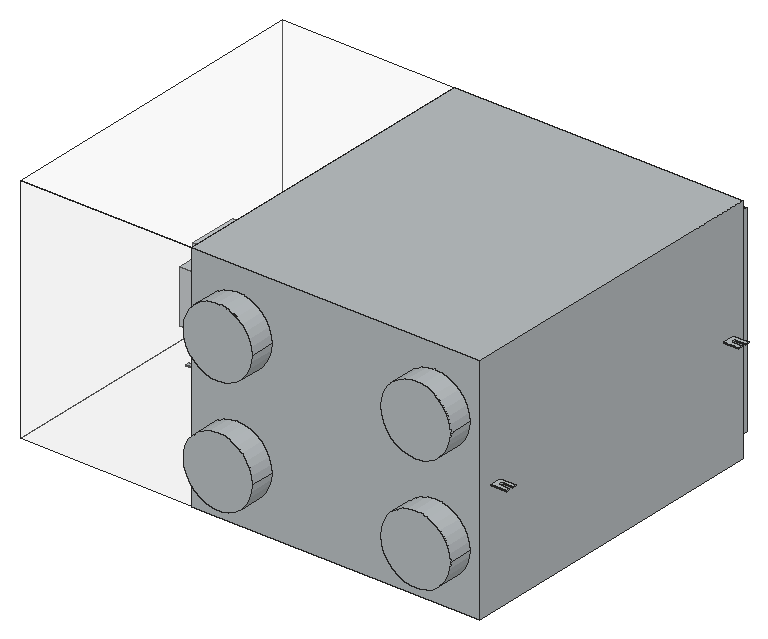
Revit family "lgh-n150_200rxvd-c_50Hz", category 機械設備, Revit 2019
Family settings
  丸型コネクタ寸法 = 直径を使用
  パーツ タイプ = 標準
  OmniClass 番号 = 23.75.10.34.21
  OmniClass タイトル = Heat Exchangers for Ventilation Air
  作業面ベース = いいえ
  常に垂直 = はい
  ロード時にボイドで切り取り = いいえ
  共有 = いいえ
  部屋計算ポイント = はい
Parameters (values of type "LGH-N150RXVD-C")
  騒音レベル(dB(A)) = 38.5
  風量 = 1500.0 m³/h
  面風速 = 8.5 m/s
  電源種別 [instance] = "一般"
  電圧 = 200 V
  電動機出力 = 0 W
  集中コントローラ = ""
  運転質量 = 0.00 kg
  連動 [instance] = ""
  質量 = if(製品質量 > 運転質量, 製品質量, 運転質量) * 1.2  # 128.40 kg
  負荷分類 = 3_ファン類
  説明 = "業務用ロスナイ 天井埋込形 DCマイコン CO2センサー付"
  設計風量 = 0.0 m³/h
  設置方法 = "天井吊(隠ぺい)形"
  記号 [instance] = ""
  製造元 = "三菱電機株式会社"
  製品質量 = 107.00 kg
  製品出荷対象 = "国内"
  製品リリース年月 = "2020/10/1"
  製品グループ = ""
  系統 [instance] = ""
  符号 = "HEU"
  積算_科目 = "1 空気調和設備"
  積算_拾い区分 [instance] = ""
  相 = 1
  盤記号 [instance] = ""
  発停方法 [instance] = "別売リモコン"
  特殊仕様 [instance] = ""
  点検口高さ = -Height  # -808 mm
  点検口離隔 = 150 mm
  点検口_Depth = 450 mm
  点検口 = yes
  火災停止 [instance] = ""
  温度交換効率 = 74.00%
  消費電力 = 900 W
  法定耐用年数 = "15"
  機外静圧_排気 = 275.0 Pa
  機外静圧 = 275.0 Pa
  極数 = 3
  材質 [instance] = ""
  本体マテリアル = 溶融亜鉛めっき鋼板
  操作・制御方式 = ""
  操作・制御スイッチ = ""
  排気量 = 0.0 m³/h
  形式 = "天井埋込ダクト形"
  幹線記号 [instance] = ""
  対象室 [instance] = ""
  実風量 = 0.0 m³/h
  始動方式 [instance] = "直入"
  天吊金具_径 = 7.5 mm
  天吊金具_幅 = 30 mm
  外気量 = 0.0 m³/h
  呼称 = "全熱交換ユニット"
  周波数 = 50 Hz
  天吊金具ピッチ2 = 1015 mm
  天吊金具ピッチ1 = 1057 mm
  天吊金具_高さ = 404 mm
  参照している仕様書等のバージョン = ""
  初期抵抗 = 0.0 Pa
  分類コード = "50052504100070"
  分類グループ = ""
  価格 = 1183200
  企業コード = "108420"
  付属品_フィルター_還気 = ""
  付属品_フィルター = ""
  付属品 [instance] = ""
  仕様書バージョン = "Version1.0"
  モデル = "LGH-N150RXVD-C"
  メンテナンススペース = yes
  コメント [instance] = ""
  Keynote = ""
  エンタルピ交換効率_暖房 = 76.00%
  エンタルピ交換効率_冷房 = 66.00%
  Assembly Code = ""
  Width = 1004 mm
  Version = ""
  Uniclass2015Version = "Systems v1.9"
  Uniclass2015Title = "Thermal wheels"
  Uniclass2015Code = "Pr_60_60_36_88"
  URL = "https://www.mitsubishielectric.co.jp/ldg/wink/ssl/displayProduct.do?pid=309790"
  SpecificationReference = ""
  SpecificationDescription = ""
  Sensor_Width = 184 mm
  Sensor_D = 176 mm
  Sensor_Height = 183 mm
  Sensor_H = 201 mm
  Sensor_Depth = 115 mm
  SMAX風量 = 1500.0 m³/h
  SMAX静圧 = 275.0 Pa
  SAサイズ_D = 242 mm
  Revision = ""
  RAサイズ_D = 242 mm
  ProductInformation = ""
  OmniClassCode = "23-27 23 19 11"
  OAサイズ_W = 270 mm
  OAサイズ_D = 700 mm
  MIN風量 = 660.0 m³/h
  MIN静圧 = 47.0 Pa
  MID風量 = 1080.0 m³/h
  MID静圧 = 127.0 Pa
  MAX風量 = 1500.0 m³/h
  MAX静圧 = 245.0 Pa
  IfcTypeProduct = ""
  IfcProduct = ""
  IfcExportType = "ROTARYWHEEL"
  IfcExportAs = "IfcAirToAirHeatRecoveryType"
  Height = 808 mm
  EAサイズ_W = 270 mm
  EAサイズ_D = 700 mm
  Duct_Pitch = 690 mm
  Duct_Height = 202 mm
  Duct_Depth_SA_RA = 84 mm
  Duct_Depth_OA_EA = 49 mm
  Depth = 1144 mm
  Clearance Top = 0 mm
  Clearance Left = 600 mm
  Clearance Bottom = 0 mm
  Box_Width = 115 mm
  Box_Height = 669 mm
  Box_H = 88 mm
  Box_Depth = 175 mm
  Box_D = 145 mm
  Author = "三菱電機株式会社"
Types (2, lengths in mm): name | 騒音レベル(dB(A)) | 風量 | 面風速 | 質量 | 製品質量 | 温度交換効率 | 消費電力 | 機外静圧_排気 | 機外静圧 | 天吊金具ピッチ1 | 価格 | モデル | エンタルピ交換効率_暖房 | エンタルピ交換効率_冷房 | Width | URL | SMAX風量 | SMAX静圧 | MIN風量 | MIN静圧 | MID風量 | MID静圧 | MAX風量 | MAX静圧 | Duct_Pitch
  LGH-N150RXVD-C | 38.5 | 1500.0 m³/h | 8.5 m/s | 128.40 kg | 107.00 kg | 74.00% | 900 W | 275.0 Pa | 275.0 Pa | 1057 | 1183200 | "LGH-N150RXVD-C" | 76.00% | 66.00% | 1004 | "https://www.mitsubishielectric.co.jp/ldg/wink/ssl/displayProduct.do?pid=309790" | 1500.0 m³/h | 275.0 Pa | 660.0 m³/h | 47.0 Pa | 1080.0 m³/h | 127.0 Pa | 1500.0 m³/h | 245.0 Pa | 690
  LGH-N200RXVD-C | 41 | 2000.0 m³/h | 11.3 m/s | 140.40 kg | 117.00 kg | 73.00% | 1160 W | 225.0 Pa | 225.0 Pa | 1284 | 1321200 | "LGH-N200RXVD-C" | 75.00% | 65.00% | 1231 | "https://www.mitsubishielectric.co.jp/ldg/wink/ssl/displayProduct.do?pid=309792" | 2000.0 m³/h | 225.0 Pa | 880.0 m³/h | 32.0 Pa | 1440.0 m³/h | 86.0 Pa | 2000.0 m³/h | 165.0 Pa | 917
Reference planes
  plane 1 "中心(正面/背面)": y = 0
  plane 2: z = 0
  plane 3 "中心(左/右)": x = 0
  plane 4: x = -502
  plane 5: x = 502
  plane 6: y = 572
  plane 7: y = -572
  plane 8: z = -808
  plane 9: z = -202
  plane 10: x = -345
  plane 11: x = 345
  plane 12: y = -656
  plane 13: y = 621
  plane 14: x = -586
  plane 15: x = 586
  plane 16: x = -1102
  plane 17: y = -427
  plane 18: y = -252
  plane 19: z = -88
  plane 20: z = -757
  plane 21: x = -617
  plane 22: x = -652
  plane 23: y = 225
  plane 24: x = -528.5
  plane 25: x = 528.5
  plane 26: y = 507.5
  plane 27: y = -507.5
  plane 28: y = -225
  plane 29: x = -558.5
  plane 30: y = 527.5
  plane 31: y = 487.5
  plane 32: y = -487.5
  plane 33: y = -527.5
  plane 34: z = -5
  plane 35: z = -404
  plane 36: z = -407
  plane 37: x = 558.5
  plane 38: z = -404
  plane 39: x = 480
  plane 40: x = 210
  plane 41: x = -480
  plane 42: x = -210
  plane 43: z = -54
  plane 44: z = -754
  plane 45: z = -54
  plane 46: z = -754
  plane 47: z = -606
  plane 48: y = -396
  plane 49: y = -281
  plane 50: z = -201
  plane 51: z = -384
  plane 52: x = -686
  plane 53: z = 0
  plane 54: z = -808
Forms (mm)
  Extrusion 1, solid, material "溶融亜鉛めっき鋼板" <- "本体マテリアル", detail levels fine
    sketch origin (0, 0, 0) x (1, 0, 0) y (0, 1, 0)
      loop
        line (-502, 572) -> (-502, -572) -> (502, -572) -> (502, 572) -> (-502, 572)
    from 0 to -808
  Extrusion 2, solid, material "溶融亜鉛めっき鋼板" <- "本体マテリアル", detail levels fine
    sketch origin (502, -572, 0) x (-1, 0, 0) y (0, 0, -1)
      loop
        circle (847, 202) r 121
    from 0 to 84
  Extrusion 3, solid, material "溶融亜鉛めっき鋼板" <- "本体マテリアル", detail levels fine
    sketch origin (510, -445, 0) x (-1, 0, 0) y (0, 0, -1)
      loop
        circle (165, 202) r 121
    from 127 to 211
  Extrusion 4, solid, material "溶融亜鉛めっき鋼板" <- "本体マテリアル", detail levels fine
    sketch origin (-502, -572, 0) x (0, 1, 0) y (0, 0, -1)
      loop
        line (320, 88) -> (320, 757) -> (145, 757) -> (145, 88) -> (320, 88)
    from 0 to 115
  Extrusion 5, solid, material "溶融亜鉛めっき鋼板" <- "本体マテリアル", detail levels fine
    sketch origin (0, 0, 0) x (1, 0, 0) y (0, 1, 0)
      loop
        line (-558.5, 527.5) -> (-558.5, 515) -> (-528.5, 515)
        arc (-528.5, 515) -> (-521, 507.5) -> (-528.5, 500) r 7.5
        line (-528.5, 500) -> (-558.5, 500) -> (-558.5, 487.5) -> (-502, 487.5) -> (-502, 527.5) -> (-558.5, 527.5)
    from -404 to -407
  Extrusion 6, solid, material "溶融亜鉛めっき鋼板" <- "本体マテリアル", detail levels fine
    sketch origin (0, 0, 0) x (1, 0, 0) y (0, 1, 0)
      loop
        line (-558.5, -527.5) -> (-502, -527.5) -> (-502, -487.5) -> (-558.5, -487.5) -> (-558.5, -500) -> (-528.5, -500)
        arc (-528.5, -500) -> (-521, -507.5) -> (-528.5, -515) r 7.5
        line (-528.5, -515) -> (-558.5, -515) -> (-558.5, -527.5)
    from -404 to -407
  Extrusion 7, solid, material "溶融亜鉛めっき鋼板" <- "本体マテリアル", detail levels fine
    sketch origin (0, 0, 0) x (-1, 0, 0) y (0, -1, 0)
      loop
        line (-558.5, 527.5) -> (-558.5, 515) -> (-528.5, 515)
        arc (-528.5, 515) -> (-521, 507.5) -> (-528.5, 500) r 7.5
        line (-528.5, 500) -> (-558.5, 500) -> (-558.5, 487.5) -> (-502, 487.5) -> (-502, 527.5) -> (-558.5, 527.5)
    from -404 to -407
  Extrusion 8, solid, material "溶融亜鉛めっき鋼板" <- "本体マテリアル", detail levels fine
    sketch origin (0, 0, 0) x (-1, 0, 0) y (0, -1, 0)
      loop
        line (-558.5, -527.5) -> (-502, -527.5) -> (-502, -487.5) -> (-558.5, -487.5) -> (-558.5, -500) -> (-528.5, -500)
        arc (-528.5, -500) -> (-521, -507.5) -> (-528.5, -515) r 7.5
        line (-528.5, -515) -> (-558.5, -515) -> (-558.5, -527.5)
    from -404 to -407
  Extrusion 9, solid, material "溶融亜鉛めっき鋼板" <- "本体マテリアル", detail levels fine
    sketch origin (0, 0, 0) x (1, 0, 0) y (0, 0, 1)
      loop
        circle (-345, -606) r 121
    from 572 to 656
  Extrusion 10, solid, material "溶融亜鉛めっき鋼板" <- "本体マテリアル", detail levels fine
    sketch origin (0, 0, 0) x (1, 0, 0) y (0, 0, 1)
      loop
        circle (345, -606) r 121
    from 572 to 656
  Extrusion 11, solid, material "溶融亜鉛めっき鋼板" <- "本体マテリアル", detail levels fine
    sketch origin (0, 0, 0) x (1, 0, 0) y (0, 0, 1)
      loop
        line (480, -754) -> (480, -54) -> (210, -54) -> (210, -754) -> (480, -754)
    from -621 to -572
  Extrusion 12, solid, material "溶融亜鉛めっき鋼板" <- "本体マテリアル", detail levels fine
    sketch origin (0, 0, 0) x (1, 0, 0) y (0, 0, 1)
      loop
        line (-480, -754) -> (-210, -754) -> (-210, -54) -> (-480, -54) -> (-480, -754)
    from -621 to -572
  Extrusion 13, solid, material "溶融亜鉛めっき鋼板" <- "本体マテリアル", detail levels fine
    sketch origin (0, 0, 0) x (0, 1, 0) y (0, 0, 1)
      loop
        line (-281, -201) -> (-396, -201) -> (-396, -384) -> (-281, -384) -> (-281, -201)
    from -686 to -617
Lines and regions (mm)
  Masking region 1, detail levels coarse+medium
    outline origin (1326.5, 29, 0) x (1, 0, 0) y (0, 1, 0)
      loop
        line (-1828.5, 543) -> (-1828.5, -601) -> (-824.5, -601) -> (-824.5, 543) -> (-1828.5, 543)
  symbolic lines, detail levels coarse+medium
    curve 1: line (0, 572, 0) -> (-502, 0, 0)
    curve 2: line (-502, 0, 0) -> (0, -572, 0)
    curve 3: line (0, -572, 0) -> (502, 0, 0)
    curve 4: line (502, 0, 0) -> (0, 572, 0)
Dimensions and locks
  equal spacing: plane 4, plane 3 "中心(左/右)", plane 5
  "Width": plane 4 to plane 5
  equal spacing: plane 6, plane 1 "中心(正面/背面)", plane 7
  "Depth": plane 6 to plane 7
  "Height": level to plane 8
  "Duct_Height": level to plane 9
  equal spacing: plane 11, plane 3 "中心(左/右)", plane 10
  "Duct_Pitch": plane 11 to plane 10
  "Duct_Depth_OA_EA": plane 13 to plane 6
  "Duct_Depth_SA_RA": plane 7 to plane 12
  "Duct_Depth_SA_RA": plane 5 to plane 15
  "Duct_Depth_SA_RA": plane 14 to plane 4
  "Clearance Left": plane 16 to plane 4
  "Box_H": level to plane 19
  "Box_Height": plane 19 to plane 20
  "Box_D": plane 17 to plane 7
  "Box_Depth": plane 18 to plane 17
  "Box_Width": plane 21 to plane 4
  "点検口離隔": plane 22 to plane 4
  equal spacing: plane 24, plane 3 "中心(左/右)", plane 25
  "天吊金具ピッチ1": plane 24 to plane 25
  equal spacing: plane 26, plane 1 "中心(正面/背面)", plane 27
  "天吊金具ピッチ2": plane 26 to plane 27
  equal spacing: plane 23, plane 1 "中心(正面/背面)", plane 28
  "点検口_Depth": plane 23 to plane 28
  equal spacing: plane 30, plane 26, plane 31
  locked: plane 30 to plane 31 at 40
  "天吊金具_幅": plane 29 to plane 24
  "天吊金具_高さ": level to plane 35
  locked: plane 35 to plane 36 at 3
  equal spacing: plane 32, plane 27, plane 33
  locked: plane 32 to plane 33 at 40
  "天吊金具_幅": plane 25 to plane 37
  equal spacing: plane 8, plane 38, level
  equal spacing: plane 40, plane 11, plane 39
  "EAサイズ_W": plane 40 to plane 39
  equal spacing: plane 42, plane 10, plane 41
  "OAサイズ_W": plane 42 to plane 41
  equal spacing: plane 44, plane 38, plane 43
  "EAサイズ_D": plane 44 to plane 43
  "OAサイズ_D": plane 46 to plane 45
  equal spacing: plane 46, plane 38, plane 45
  "Duct_Height": plane 38 to plane 47
  "Sensor_D": plane 48 to plane 7
  "Sensor_Depth": plane 49 to plane 48
  "Sensor_H": level to plane 50
  "Sensor_Height": plane 50 to plane 51
  "Sensor_Width": plane 52 to plane 4
  "Clearance Bottom": plane 8 to plane 54
  "Clearance Top": plane 53 to level
  "RAサイズ_D": diameter of Extrusion 3 sketch curve
  "天吊金具_径": radius of Extrusion 5 sketch curve
  "天吊金具_径": radius of Extrusion 6 sketch curve
  "天吊金具_径": radius of Extrusion 7 sketch curve
  "天吊金具_径": radius of Extrusion 8 sketch curve
  "SAサイズ_D": diameter of Extrusion 9 sketch curve
  "RAサイズ_D": diameter of Extrusion 10 sketch curve
  "SAサイズ_D": diameter of Extrusion 2 sketch curve
  aligned and locked: level to plane 2
  aligned and locked: Extrusion 1 to plane 8
  aligned and locked: Extrusion 2 to plane 12
  aligned and locked: plane 7 to Extrusion 2
  aligned and locked: plane 7 to Extrusion 3
  aligned and locked: Extrusion 3 to plane 12
  aligned and locked: plane 16 to nested 1
  aligned and locked: plane 4 to nested 1
  aligned and locked: nested 1 to plane 6
  aligned and locked: nested 1 to plane 7
  aligned and locked: Extrusion 4 to plane 21
  aligned and locked: plane 4 to Extrusion 4
  aligned and locked: Masking region 1 to plane 4
  aligned and locked: plane 5 to Masking region 1
  aligned and locked: plane 6 to Masking region 1
  aligned and locked: Masking region 1 to plane 7
  aligned and locked: plane 25 to nested 2
  aligned and locked: plane 24 to nested 2
  aligned and locked: nested 2 to plane 27
  aligned and locked: plane 26 to nested 2
  aligned and locked: Extrusion 4 to plane 18
  aligned and locked: Extrusion 4 to plane 20
  aligned and locked: plane 19 to Extrusion 4
  aligned and locked: Extrusion 4 to plane 17
  aligned and locked: plane 22 to nested 3
  aligned and locked: plane 16 to nested 3
  aligned and locked: plane 23 to nested 3
  aligned and locked: nested 3 to plane 28
  aligned and locked: plane 29 to Extrusion 5 sketch curve  (x2)
  aligned and locked: Extrusion 5 sketch curve to plane 4
  aligned and locked: plane 31 to Extrusion 5 sketch curve
  aligned and locked: Extrusion 5 sketch curve to plane 30
  aligned and locked: Extrusion 5 to plane 35
  aligned and locked: Extrusion 5 to plane 36
  aligned and locked: Extrusion 6 sketch curve to plane 29  (x2)
  aligned and locked: plane 32 to Extrusion 6 sketch curve
  aligned and locked: Extrusion 6 sketch curve to plane 33
  aligned and locked: plane 4 to Extrusion 6 sketch curve
  aligned and locked: plane 35 to Extrusion 6
  aligned and locked: Extrusion 6 to plane 36
  aligned and locked: plane 37 to Extrusion 7 sketch curve  (x2)
  aligned and locked: Extrusion 7 sketch curve to plane 32
  aligned and locked: plane 33 to Extrusion 7 sketch curve
  aligned and locked: plane 5 to Extrusion 7 sketch curve
  aligned and locked: Extrusion 7 to plane 36
  aligned and locked: plane 35 to Extrusion 7
  aligned and locked: Extrusion 8 sketch curve to plane 37  (x2)
  aligned and locked: Extrusion 8 sketch curve to plane 31
  aligned and locked: plane 30 to Extrusion 8 sketch curve
  aligned and locked: Extrusion 8 sketch curve to plane 5
  aligned and locked: plane 35 to Extrusion 8
  aligned and locked: Extrusion 8 to plane 36
  aligned and locked: Extrusion 9 to plane 12
  aligned and locked: plane 7 to Extrusion 9
  aligned and locked: Extrusion 10 to plane 12
  aligned and locked: plane 7 to Extrusion 10
  aligned and locked: plane 44 to Extrusion 11 sketch curve
  aligned and locked: plane 39 to Extrusion 11 sketch curve
  aligned and locked: Extrusion 11 sketch curve to plane 43
  aligned and locked: Extrusion 11 sketch curve to plane 40
  aligned and locked: Extrusion 12 sketch curve to plane 46
  aligned and locked: Extrusion 12 sketch curve to plane 41
  aligned and locked: plane 45 to Extrusion 12 sketch curve
  aligned and locked: plane 42 to Extrusion 12 sketch curve
  aligned and locked: plane 13 to Extrusion 12
  aligned and locked: Extrusion 12 to plane 6
  aligned and locked: plane 13 to Extrusion 11
  aligned and locked: Extrusion 11 to plane 6
  aligned and locked: plane 50 to Extrusion 13 sketch curve
  aligned and locked: Extrusion 13 sketch curve to plane 49
  aligned and locked: Extrusion 13 sketch curve to plane 51
  aligned and locked: plane 48 to Extrusion 13 sketch curve
  aligned and locked: Extrusion 13 to Extrusion 4
  aligned and locked: plane 52 to Extrusion 13
  aligned and locked: plane 53 to nested 1
  aligned and locked: plane 54 to nested 1
Automatic sketch dimensions
  plane 1 "中心(正面/背面)" to curve 1 = 0 mm
  curve 1 to plane 4 = 0 mm
  curve 2 to plane 3 "中心(左/右)" = 0 mm
  curve 4 to plane 3 "中心(左/右)" = 0 mm
  plane 1 "中心(正面/背面)" to curve 4 = 0 mm
  curve 4 to plane 5 = 0 mm
  curve 2 to plane 7 = 0 mm
  curve 4 to plane 6 = 0 mm
  Extrusion 1 sketch curve to plane 4 = 0 mm
  Extrusion 1 sketch curve to plane 5 = 0 mm
  Extrusion 1 sketch curve to plane 7 = 0 mm
  Extrusion 1 sketch curve to plane 6 = 0 mm
  Extrusion 3 sketch curve to plane 9 = 0 mm
  Extrusion 3 sketch curve to plane 11 = 0 mm
  Extrusion 4 sketch curve to Extrusion 1 = 145 mm
  Extrusion 1 to Extrusion 4 sketch curve = 51 mm
  Extrusion 4 sketch curve to Extrusion 4 sketch curve = 175 mm
  Extrusion 1 to Extrusion 4 sketch curve = 88 mm
  Masking region 1 sketch curve to plane 4 = 0 mm
  Masking region 1 sketch curve to plane 5 = 0 mm
  Masking region 1 sketch curve to plane 7 = 0 mm
  Masking region 1 sketch curve to plane 6 = 0 mm
  Extrusion 9 sketch curve to plane 10 = 0 mm
  Extrusion 9 sketch curve to plane 47 = 0 mm
  Extrusion 10 sketch curve to plane 11 = 0 mm
  Extrusion 10 sketch curve to plane 47 = 0 mm
  Extrusion 1 to Extrusion 2 sketch curve = 157 mm
  Extrusion 1 to Extrusion 2 sketch curve = 202 mm
  Extrusion 5 sketch curve to plane 24 = 0 mm
  Extrusion 5 sketch curve to plane 26 = 0 mm
  Extrusion 6 sketch curve to plane 24 = 0 mm
  Extrusion 6 sketch curve to plane 27 = 0 mm
  Extrusion 7 sketch curve to plane 25 = 0 mm
  Extrusion 7 sketch curve to plane 27 = 0 mm
  Extrusion 8 sketch curve to plane 25 = 0 mm
  Extrusion 8 sketch curve to plane 26 = 0 mm
Nested families
  nested 1: "メンテナンススペース" at (-802, 0, -404), visible <- "メンテナンススペース", type "メンテナンススペース"
    with Width 600 mm, Height 808 mm, Depth 1144 mm
  nested 2: "固定点" at (-528.5, -507.5, 0), type "固定点"
    with W 1057 mm, D 1015 mm
  nested 3: "点検口設置範囲" at (-877, 0, -808), built-in parameter 1001364 <- "点検口高さ", visible <- "点検口", type "点検口設置範囲"
    with Width 450 mm, Depth 450 mm
Connectors
  hvac at (-345, -656, -202), driven by "SAサイズ_D", driven by "機外静圧", driven by "風量"
    settings: on Extrusion 2, index 1, duct flow 1500.0 m³/h, flow factor 0, pres drop 275.0 Pa, loss coef 0, conn angle 0.00°, conn width 304.8 mm, conn height 304.8 mm, conn diameter 242 mm, duct sys type 1, conn prof type 0, flow config 0, flow direction 2, loss method 4, conn ref index -1, conn util no, is conn primary yes, conn desc ""
  hvac at (345, -656, -202), driven by "RAサイズ_D", driven by "機外静圧", driven by "風量"
    settings: on Extrusion 3, index 2, duct flow 1500.0 m³/h, flow factor 0, pres drop 275.0 Pa, loss coef 0, conn angle 0.00°, conn width 304.8 mm, conn height 304.8 mm, conn diameter 242 mm, duct sys type 2, conn prof type 0, flow config 0, flow direction 1, loss method 4, conn ref index -1, conn util no, is conn primary no, conn desc ""
  electrical at (-559.5, -427, -422.5), driven by "負荷分類", driven by "極数", driven by "電圧", driven by "消費電力"
    settings: on Extrusion 4, index 7, voltage 200 V, apparent load 900 VA, apparent load phase1 0 VA, apparent load phase2 0 VA, apparent load phase3 0 VA, power factor 1, load classification "3_ファン類", number of poles 3, system type 30, power factor state 1, is connector primary yes, connector utility no, sub classification motor no, connector description ""
  hvac at (-345, -656, -606), driven by "SAサイズ_D", driven by "機外静圧", driven by "風量"
    settings: on Extrusion 9, index 8, duct flow 1500.0 m³/h, flow factor 0, pres drop 275.0 Pa, loss coef 0, conn angle 0.00°, conn width 304.8 mm, conn height 304.8 mm, conn diameter 242 mm, duct sys type 1, conn prof type 0, flow config 0, flow direction 2, loss method 4, conn ref index -1, conn util no, is conn primary no, conn desc ""
  hvac at (345, -656, -606), driven by "RAサイズ_D", driven by "機外静圧", driven by "風量"
    settings: on Extrusion 10, index 9, duct flow 1500.0 m³/h, flow factor 0, pres drop 275.0 Pa, loss coef 0, conn angle 0.00°, conn width 304.8 mm, conn height 304.8 mm, conn diameter 242 mm, duct sys type 2, conn prof type 0, flow config 0, flow direction 1, loss method 4, conn ref index -1, conn util no, is conn primary no, conn desc ""
  hvac at (345, 621, -404), driven by "EAサイズ_D", driven by "EAサイズ_W", driven by "機外静圧_排気", driven by "排気量"
    settings: on Extrusion 11, index 10, duct flow 0.0 m³/h, flow factor 0, pres drop 275.0 Pa, loss coef 0, conn angle 0.00°, conn width 270 mm, conn height 700 mm, conn diameter 609.6 mm, duct sys type 3, conn prof type 1, flow config 0, flow direction 2, loss method 4, conn ref index -1, conn util no, is conn primary no, conn desc ""
  hvac at (-345, 621, -404), driven by "OAサイズ_W", driven by "OAサイズ_D", driven by "機外静圧", driven by "風量"
    settings: on Extrusion 12, index 11, duct flow 1500.0 m³/h, flow factor 0, pres drop 275.0 Pa, loss coef 0, conn angle 0.00°, conn width 270 mm, conn height 700 mm, conn diameter 609.6 mm, duct sys type 4, conn prof type 1, flow config 0, flow direction 1, loss method 4, conn ref index -1, conn util no, is conn primary no, conn desc ""
Definition of nested family "メンテナンススペース"
  Parameters (values of type "メンテナンススペース")
    Width [instance] = 500 mm
    Height [instance] = 500 mm
    Depth [instance] = 500 mm
  Reference planes
    plane 1 "中心(正面/背面)": y = 0
    plane 2: z = 0
    plane 3 "中心(左/右)": x = 0
    plane 4: y = -250
    plane 5: x = 250
    plane 6: y = 250
    plane 7: x = -250
    plane 8: z = 250
    plane 9: z = -250
  Forms (mm)
    Extrusion 1, solid
      sketch origin (-638.939, 0, 72.39) x (1, 0, 0) y (0, 1, 0)
        loop
          line (388.939, 250) -> (388.939, -250) -> (888.939, -250) -> (888.939, 250) -> (388.939, 250)
      from -322.39 to 177.61
  Lines and regions (mm)
    symbolic lines
      curve 1: line (-250, 0, 250) -> (250, 0, 250)
      curve 2: line (-250, 0, -250) -> (-250, 0, 250)
      curve 3: line (250, 0, -250) -> (-250, 0, -250)
      curve 4: line (250, 0, 250) -> (250, 0, -250)
      curve 5: line (0, -250, 250) -> (0, 250, 250)
      curve 6: line (0, -250, -250) -> (0, -250, 250)
      curve 7: line (0, 250, -250) -> (0, -250, -250)
      curve 8: line (0, 250, 250) -> (0, 250, -250)
      curve 9: line (-250, 250, 0) -> (250, 250, 0)
      curve 10: line (-250, -250, 0) -> (-250, 250, 0)
      curve 11: line (250, -250, 0) -> (-250, -250, 0)
      curve 12: line (250, 250, 0) -> (250, -250, 0)
  Dimensions and locks
    equal spacing: plane 7, plane 3 "中心(左/右)", plane 5
    equal spacing: plane 4, plane 1 "中心(正面/背面)", plane 6
    "Depth": plane 4 to plane 6
    "Width": plane 7 to plane 5
    equal spacing: plane 8, plane 2, plane 9
    "Height": plane 8 to plane 9
    aligned and locked: plane 9 to curve 3
    aligned and locked: plane 7 to curve 2
    aligned and locked: curve 4 to plane 5
    aligned and locked: plane 5 to Extrusion 1
    aligned and locked: Extrusion 1 to plane 7
    aligned and locked: Extrusion 1 to plane 9
    aligned and locked: plane 8 to Extrusion 1
    aligned and locked: plane 9 to curve 7
  Automatic sketch dimensions
    plane 4 to Extrusion 1 sketch curve = 0 mm
    Extrusion 1 sketch curve to plane 7 = 0 mm
    Extrusion 1 sketch curve to plane 5 = 0 mm
    plane 6 to Extrusion 1 sketch curve = 0 mm
    curve 2 to plane 8 = 0 mm
    plane 4 to curve 11 = 0 mm
    curve 11 to plane 7 = 0 mm
    curve 11 to plane 5 = 0 mm
    plane 6 to curve 10 = 0 mm
    curve 7 to plane 4 = 0 mm
    curve 7 to plane 6 = 0 mm
    curve 6 to plane 8 = 0 mm
Definition of nested family "固定点"
  Parameters (values of type "固定点")
    中心円 = 20 mm
    W [instance] = 1000 mm
    D [instance] = 1000 mm
  Reference planes
    plane 1 "中心(正面/背面)": y = 0
    plane 2: z = 0
    plane 3 "中心(左/右)": x = 0
    plane 4: x = 1000
    plane 5: y = 1000
  Lines and regions (mm)
    symbolic lines, detail levels fine
      curve 1: circle (0, 1000, 0) r 10 normal (0, 0, 1)
      curve 2: circle (0, 0, 0) r 10 normal (0, 0, 1)
      curve 3: circle (1000, 1000, 0) r 10 normal (0, 0, 1)
      curve 4: circle (1000, 0, 0) r 10 normal (0, 0, 1)
      curve 5: line (-200, 1000, 0) -> (1200, 1000, 0)
      curve 6: line (-200, 0, 0) -> (1200, 0, 0)
      curve 7: line (0, 1200, 0) -> (0, -200, 0)
      curve 8: line (1000, 1200, 0) -> (1000, -200, 0)
  Dimensions and locks
    "W": plane 3 "中心(左/右)" to plane 4
    "D": plane 1 "中心(正面/背面)" to plane 5
    "中心円": diameter of curve 1
    "中心円": diameter of curve 2
    "中心円": diameter of curve 3
    "中心円": diameter of curve 4
    aligned and locked: level to plane 2
    aligned and locked: plane 5 to curve 1
    aligned and locked: plane 3 "中心(左/右)" to curve 1
    aligned and locked: plane 3 "中心(左/右)" to curve 2
    aligned and locked: plane 1 "中心(正面/背面)" to curve 2
    aligned and locked: plane 4 to curve 3
    aligned and locked: plane 5 to curve 3
    aligned and locked: plane 1 "中心(正面/背面)" to curve 4
    aligned and locked: plane 4 to curve 4
    aligned and locked: plane 1 "中心(正面/背面)" to curve 6
    aligned and locked: curve 7 to plane 3 "中心(左/右)"
    aligned and locked: curve 8 to plane 4
  Automatic sketch dimensions
    curve 5 to plane 5 = 0 mm
    curve 6 to plane 3 "中心(左/右)" = 200 mm
    curve 5 to plane 3 "中心(左/右)" = 200 mm
    curve 4 to curve 6 = 200 mm
    curve 3 to curve 5 = 200 mm
    plane 1 "中心(正面/背面)" to curve 8 = 200 mm
    plane 1 "中心(正面/背面)" to curve 7 = 200 mm
    curve 3 to curve 8 = 200 mm
    curve 1 to curve 7 = 200 mm
Definition of nested family "点検口設置範囲"
  Parameters (values of type "点検口設置範囲")
    Width [instance] = 1000 mm
    Depth [instance] = 700 mm
  Reference planes
    plane 1 "中心(正面/背面)": y = 0
    plane 2: z = 0
    plane 3 "中心(左/右)": x = 0
    plane 4: x = -500
    plane 5: x = 500
    plane 6: y = -350
    plane 7: y = 350
  Lines and regions (mm)
    model lines
      curve 1: line (-500, 350, 0) -> (500, 350, 0)
      curve 2: line (-500, -350, 0) -> (-500, 350, 0)
      curve 3: line (500, -350, 0) -> (-500, -350, 0)
      curve 4: line (500, 350, 0) -> (500, -350, 0)
  Dimensions and locks
    "Depth": plane 7 to plane 6
    "Width": plane 4 to plane 5
    equal spacing: plane 7, plane 1 "中心(正面/背面)", plane 6
    equal spacing: plane 4, plane 3 "中心(左/右)", plane 5
    aligned and locked: level to plane 2
    aligned and locked: plane 4 to curve 2
    aligned and locked: curve 1 to plane 7
    aligned and locked: curve 4 to plane 5
    aligned and locked: plane 6 to curve 3
